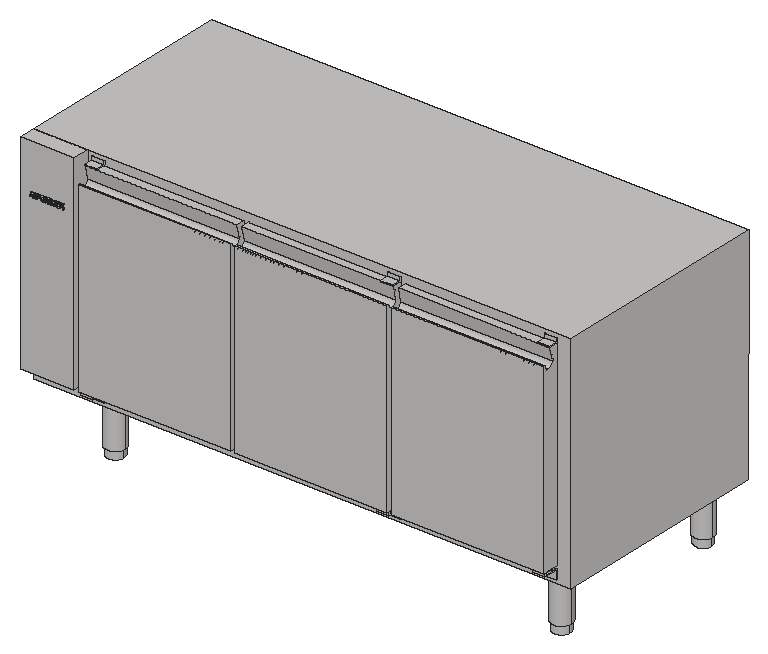
Revit family "QF_ALPENINOX_712631_AJ3R8AAA", category Specialty Equipment, Revit 2018
Family settings
  Round Connector Dimension = Use Diameter
  Part Type = Normal
  Work Plane-Based = No
  Always vertical = Yes
  Cut with Voids When Loaded = No
  Shared = No
  Room Calculation Point = No
Parameters
  Weight = 0.00 kg
  Watts = 2.78709 W
  Volts = 220 V
  URL Manufacturer = "http://www.alpeninox.com"
  URL = "http://www.alpeninox.com"
  Steam Supply Size = 0 mm
  Steam Supply Minimum Pressure = 0.0 Pa
  Steam Supply Maximum Pressure = 0.0 Pa
  Steam Pounds per Hour = 0
  Refrigeration Suction Line Size = 0 mm
  Refrigeration Liquid Line Size = 0 mm
  Refrigerant Compressor Remote = yes
  Manufacturer = "Alpeninox"
  Phase = 1
  Model = "AJ3R8AAA"
  Length Actual = 1557 mm  # constant formula
  Length = 1557 mm
  Item Number = "712631"
  Hot Water Size = 0 mm
  Height Actual = 800 mm  # constant formula
  Height = 650 mm
  HP = "0 HP"
  Gas Size = 0 mm
  Gas KW = 0
  Gas Input Pressure = 0 W
  Depth Actual = 700 mm  # constant formula
  Depth = 695 mm
  Description = "3 DOOR REFRIGERATED TABLE -2C-NO TOP REM "
  Cycle = 60 Hz
  Condensate Return Size = 0 mm
  Compressed Air Volume = 0.0 L/s
  Compressed Air Size = 0 mm
  Compressed Air Pressure = 0.0 Pa
  Cold Water Size = 0 mm
  Accessory = yes
Reference planes
  plane 1: z = 0
  plane 2 "Center (Left/Right)": x = -124.5
  plane 3 "Center (Front/Back)": y = 64.5
  plane 4 "FEET": z = 150
  plane 5 "TOP": z = 850
  plane 6 "PLAIN": z = 800
  plane 7 "EI_back": y = 359
  plane 8 "EI_left": x = -837
  plane 9 "BACK": y = 412
  plane 10 "FRONT": y = -283
  plane 11 "DOOR": y = -233
  plane 12 "LEFT": x = -903
  plane 13 "RIGHT": x = 654
  plane 14: x = -878
  plane 15: x = 629
  plane 16 "RO_left": x = -863
  plane 17 "RI_left": x = -811
  plane 18 "RO_back": y = 375.5
  plane 19 "RI_back": y = 375.5
  plane 20 "DRAINleft": x = -837
  plane 21 "DRAINback": y = 164
Forms (mm)
  Extrusion 1, solid, material "QF_Finishes_Stainless Steel"
    sketch origin (-1022.223, -1524, 150) x (-1, 0, 0) y (0, -1, 0)
      loop
        circle (-185.223, -1883) r 5
    from 0 to -40
  Extrusion 2, solid, material "QF_Finishes_Stainless Steel"
    sketch origin (-1022.223, -1524, 150) x (-1, 0, 0) y (0, -1, 0)
      loop
        circle (-159.223, -1899.5) r 4.25
    from 0 to -20
  Extrusion 3, solid, material "QF_Finishes_Stainless Steel"
    sketch origin (-1022.223, -1524, 150) x (-1, 0, 0) y (0, -1, 0)
      loop
        circle (-211.223, -1899.5) r 4
    from 0 to -20
  Extrusion 4, solid, material "QF_Finishes_Stainless Steel"
    sketch origin (-1022.223, -1524, 150) x (-1, 0, 0) y (0, -1, 0)
      loop
        circle (-185.223, -1688) r 8.5
    from 0 to -40
  Extrusion 5, solid, material "QF_Finishes_Stainless Steel"
    sketch origin (-1022.223, -1524, 150) x (-1, 0, 0) y (0, -1, 0)
      loop
        line (-119.223, -1936) -> (-119.223, -1291) -> (-1676.223, -1291) -> (-1676.223, -1936) -> (-119.223, -1936)
    from 0 to 650 <- "Height"
Lines and regions (mm)
  symbolic lines, style "SpecialityEquipmentHiddenLines"
    curve 1: line (-903, 412, 150) -> (654, 412, 150)
    curve 2: line (-903, -283, 150) -> (-903, 412, 150)
    curve 3: line (654, -283, 150) -> (-903, -283, 150)
    curve 4: line (654, 412, 150) -> (654, -283, 150)
    curve 5: line (-903, -233, 150) -> (654, -233, 150)
    curve 6: line (629, -233, 150) -> (629, -283, 150)
Dimensions and locks
  plane 4 "FEET" to level = 150 mm
  plane 11 "DOOR" to plane 10 "FRONT" = 50 mm
  "Height": plane 6 "PLAIN" to plane 4 "FEET"
  plane 5 "TOP" to plane 6 "PLAIN" = 50 mm
  plane 12 "LEFT" to plane 14 = 25 mm
  plane 15 to plane 13 "RIGHT" = 25 mm
  plane 9 "BACK" to plane 18 "RO_back" = 36.5 mm
  plane 9 "BACK" to plane 7 "EI_back" = 53 mm
  plane 9 "BACK" to plane 19 "RI_back" = 36.5 mm
  plane 9 "BACK" to plane 21 "DRAINback" = 248 mm
  plane 12 "LEFT" to plane 20 "DRAINleft" = 66 mm
  plane 12 "LEFT" to plane 8 "EI_left" = 66 mm
  plane 12 "LEFT" to plane 17 "RI_left" = 92 mm
  plane 12 "LEFT" to plane 16 "RO_left" = 40 mm
  "Depth": plane 9 "BACK" to plane 10 "FRONT"
  equal spacing: plane 9 "BACK", plane 3 "Center (Front/Back)", plane 10 "FRONT"
  "Length": plane 12 "LEFT" to plane 13 "RIGHT"
  equal spacing: plane 12 "LEFT", plane 2 "Center (Left/Right)", plane 13 "RIGHT"
  aligned and locked: level to plane 1
Automatic sketch dimensions
  Extrusion 1 sketch curve to plane 7 "EI_back" = 0 mm
  Extrusion 1 sketch curve to plane 8 "EI_left" = 0 mm
  Extrusion 2 sketch curve to plane 16 "RO_left" = 0 mm
  Extrusion 2 sketch curve to plane 18 "RO_back" = 0 mm
  Extrusion 3 sketch curve to plane 17 "RI_left" = 0 mm
  Extrusion 3 sketch curve to plane 19 "RI_back" = 0 mm
  Extrusion 4 sketch curve to plane 20 "DRAINleft" = 0 mm
  Extrusion 4 sketch curve to plane 21 "DRAINback" = 0 mm
  Extrusion 5 sketch curve to plane 9 "BACK" = 0 mm
  Extrusion 5 sketch curve to plane 13 "RIGHT" = 0 mm
  Extrusion 5 sketch curve to plane 11 "DOOR" = 0 mm
  Extrusion 5 sketch curve to plane 12 "LEFT" = 0 mm
  curve 1 to plane 13 "RIGHT" = 0 mm
  curve 6 to plane 15 = 0 mm
  curve 5 to plane 11 "DOOR" = 0 mm
  curve 5 to plane 12 "LEFT" = 0 mm
  curve 6 to plane 10 "FRONT" = 0 mm
  curve 1 to plane 9 "BACK" = 0 mm
  radius of Extrusion 1 sketch curve = 5 mm
  radius of Extrusion 2 sketch curve = 4.25 mm
  radius of Extrusion 3 sketch curve = 4 mm
  radius of Extrusion 4 sketch curve = 8.5 mm
Nested families
  nested 1: "Refrigerator" at (654, -283, 0), type "Refrigerator"
  nested 2: "FEET" at (-707, 331, 0), type "FEET"
  nested 3: "FEET" at (588, 331, 0), type "FEET"
  nested 4: "FEET" at (-707, -183, 0), type "FEET"
  nested 5: "FEET" at (588, -183, 0), type "FEET"
  nested 6: "APX_REM_TN_L_650" at (-746.08, -233, 548) x (1, 0, 0) z (0, -1, 0), type "APX_REM_TN_L_650"
    with Show Logo yes
  nested 7: "APX_SD_L_650" at (-513, -233, 458.88) x (1, 0, 0) z (0, -1, 0), type "APX_SD_L_650"
    with Show Clearance yes
  nested 8: "APX_SD_R_650" at (-59, -233, 458.88) x (1, 0, 0) z (0, -1, 0), type "APX_SD_R_650"
    with Show Clearance yes
  nested 9: "APX_SD_R_650" at (395, -233, 458.88) x (1, 0, 0) z (0, -1, 0), type "APX_SD_R_650"
    with Show Clearance yes
Connectors
  electrical at (-837, 359, 110), driven by "Volts"
    settings: on Extrusion 1, index 1, voltage 220 V, apparent load 0 VA, apparent load phase1 0 VA, apparent load phase2 0 VA, apparent load phase3 0 VA, power factor 1, load classification "Other", number of poles 1, system type 31, power factor state 1, is connector primary yes, connector utility no, sub classification motor no, connector description "Electrical Connection"
  piping at (-863, 375.5, 130), diameter 9.5
    settings: on Extrusion 2, index 3, connector inside diameter 609.6 mm, connector length 0 mm, flow factor 0, pipe flow 0.0 L/s, pressure drop 0.0 Pa, fitting loss kfactor 0, connector angle 0.00°, fixture units 0, engagement length 0 mm, angle of deflection 0.00°, flow configuration 1, flow direction 2, fitting loss method 0, system type 8, joint type 0, gender type 0, connector reference index -1, connector utility 0, adjustable connector no, is connector primary yes, connector description "Refrigerant Outlet"
  piping at (-811, 375.5, 130), diameter 8
    settings: on Extrusion 3, index 4, connector inside diameter 609.6 mm, connector length 0 mm, flow factor 0, pipe flow 0.0 L/s, pressure drop 0.0 Pa, fitting loss kfactor 0, connector angle 0.00°, fixture units 0, engagement length 0 mm, angle of deflection 0.00°, flow configuration 1, flow direction 1, fitting loss method 0, system type 7, joint type 0, gender type 0, connector reference index -1, connector utility 0, adjustable connector no, is connector primary no, connector description "Refrigerant Inlet"
  piping at (-837, 164, 110), diameter 17
    settings: on Extrusion 4, index 5, connector inside diameter 609.6 mm, connector length 0 mm, flow factor 0, pipe flow 0.0 L/s, pressure drop 0.0 Pa, fitting loss kfactor 0, connector angle 0.00°, fixture units 0, engagement length 0 mm, angle of deflection 0.00°, flow configuration 1, flow direction 2, fitting loss method 0, system type 16, joint type 0, gender type 0, connector reference index -1, connector utility 0, adjustable connector no, is connector primary no, connector description "Drain"
Definition of nested family "FEET"
  Parameters
    FEET = 150 mm
  Reference planes
    plane 1 "Center (Front/Back)": y = 0
    plane 2: z = 0
    plane 3 "Center (Left/Right)": x = 0
    plane 4: z = 150
  Forms (mm)
    Revolve 1, solid
      sketch origin (255.05, 0, 608.09) x (0, 0, 1) y (-1, 0, 0)
        loop
          line (-608.09, 255.05) -> (-608.09, 230.05) -> (-583.09, 230.05) -> (-583.09, 226.05) -> (-458.09, 226.05) -> (-458.09, 255.05) -> (-608.09, 255.05)
        axis (-608.09, 255.05) -> (-458.09, 255.05)
      angle from 0 to 360
  Dimensions and locks
    locked: Revolve 1 sketch curve to Revolve 1 sketch curve at 125
    "FEET": plane 4 to plane 2
    aligned and locked: level to plane 2
    aligned and locked: plane 4 to Revolve 1 sketch curve
    aligned and locked: Revolve 1 sketch curve to level
    aligned and locked: plane 3 "Center (Left/Right)" to Revolve 1 sketch curve
  Automatic sketch dimensions
    Revolve 1 sketch curve to plane 3 "Center (Left/Right)" = 0 mm
    Revolve 1 sketch curve to Revolve 1 sketch curve = 25 mm
    Revolve 1 sketch curve to Revolve 1 sketch curve = 29 mm
    plane 4 to Revolve 1 sketch curve = 50 mm
    Revolve 1 sketch curve to Revolve 1 sketch curve = 20 mm
Definition of nested family "APX_REM_TN_L_650"
  Parameters
    Show Logo [instance] = yes
    Default Elevation = 1219.2 mm
  Reference planes
    plane 1 "Centro (Fronte/Retro)": y = -49
    plane 2: z = 0
    plane 3 "Centro (Sinistra/Destra)": x = -78.92
  Forms (mm)
    Extrusion 1, solid
      sketch origin (0, 0, 0) x (1, 0, 0) y (0, 1, 0)
        loop
          line (-1219.2, 1219.2) -> (-1219.2, -1219.2) -> (1219.2, -1219.2) -> (1219.2, 1219.2) -> (-1219.2, 1219.2)
      from 0 to -304.8
    Extrusion 2, solid
      sketch origin (0, 0, 0) x (1, 0, 0) y (0, 1, 0)
        loop
          line (-156.92, 252) -> (-156.92, -350) -> (-0.92, -350) -> (-0.92, 252) -> (-156.92, 252)
      from 0 to 50
    Extrusion 3, solid
      sketch origin (43.141, -49.023, 0) x (1, 0, 0) y (0, 1, 0)
        loop
          line (-168.675, 170.349) -> (-172.411, 160.318)
          arc (-172.411, 160.318) -> (-171.624, 158.497) -> (-169.837, 159.36) r 1.374
          line (-169.837, 159.36) -> (-169.268, 161.111) -> (-164.1, 161.111) -> (-163.54, 159.379)
          arc (-163.54, 159.379) -> (-161.802, 158.542) -> (-161.049, 160.318) r 1.333
          line (-161.049, 160.318) -> (-164.694, 170.349)
          arc (-164.694, 170.349) -> (-166.685, 171.876) -> (-168.675, 170.349) r 2.06
        loop
          line (-166.681, 169.055) -> (-168.469, 163.655) -> (-164.935, 163.655) -> (-166.681, 169.055)
        loop
          arc (-159.705, 160.042) -> (-159.262, 158.973) -> (-158.194, 158.531) r 1.512
          line (-158.194, 158.531) -> (-153.608, 158.531)
          arc (-153.608, 158.531) -> (-152.337, 159.802) -> (-153.608, 161.074) r 1.272
          line (-153.608, 161.074) -> (-156.917, 161.074) -> (-156.917, 170.328)
          arc (-156.917, 170.328) -> (-158.311, 171.722) -> (-159.705, 170.328) r 1.394
          line (-159.705, 170.328) -> (-159.705, 160.042)
        loop
          line (-151.076, 170.218) -> (-151.076, 159.859)
          arc (-151.076, 159.859) -> (-149.683, 158.466) -> (-148.29, 159.859) r 1.393
          line (-148.29, 159.859) -> (-148.29, 162.882) -> (-146.225, 162.882)
          arc (-146.225, 162.882) -> (-142.999, 163.859) -> (-141.608, 166.928) r 4.082
          arc (-141.608, 166.928) -> (-142.993, 170.272) -> (-146.336, 171.657) r 4.728
          line (-146.336, 171.657) -> (-149.638, 171.657)
          arc (-149.638, 171.657) -> (-150.655, 171.235) -> (-151.076, 170.218) r 1.439
        loop
          line (-148.29, 165.313) -> (-146.388, 165.313)
          arc (-146.388, 165.313) -> (-144.433, 167.268) -> (-146.388, 169.222) r 1.955
          line (-146.388, 169.222) -> (-148.29, 169.222) -> (-148.29, 165.313)
        loop
          arc (-131.184, 166.332) -> (-132.004, 168.2) -> (-133.767, 169.228) r 3.3
          arc (-133.767, 169.228) -> (-136.353, 168.661) -> (-137.611, 166.332) r 3.176
          line (-137.611, 166.332) -> (-131.184, 166.332)
        loop
          line (-137.538, 163.743) -> (-130.544, 163.743)
          arc (-130.544, 163.743) -> (-129.292, 163.916) -> (-128.301, 164.701) r 2.4
          arc (-128.301, 164.701) -> (-128.155, 165.545) -> (-128.212, 166.399) r 3.635
          arc (-128.212, 166.399) -> (-130.364, 170.162) -> (-134.39, 171.769) r 6.579
          arc (-134.39, 171.769) -> (-138.918, 169.706) -> (-140.661, 165.044) r 6.501
          arc (-140.661, 165.044) -> (-139.276, 160.789) -> (-135.401, 158.549) r 6.252
          arc (-135.401, 158.549) -> (-132.922, 158.526) -> (-130.544, 159.232) r 8.361
          arc (-130.544, 159.232) -> (-129.466, 159.781) -> (-128.641, 160.666) r 3.486
          arc (-128.641, 160.666) -> (-128.419, 161.592) -> (-128.828, 162.451) r 1.425
          arc (-128.828, 162.451) -> (-129.368, 162.762) -> (-129.99, 162.762) r 1.203
          arc (-129.99, 162.762) -> (-130.406, 162.59) -> (-130.764, 162.316) r 1.724
          arc (-130.764, 162.316) -> (-131.666, 161.705) -> (-132.646, 161.229) r 7.6
          arc (-132.646, 161.229) -> (-135.676, 161.35) -> (-137.538, 163.743) r 3.6
        loop
          line (-126.669, 170.328) -> (-126.669, 159.859)
          arc (-126.669, 159.859) -> (-125.273, 158.463) -> (-123.878, 159.859) r 1.396
          line (-123.878, 159.859) -> (-123.878, 166.785) -> (-117.946, 159.029)
          arc (-117.946, 159.029) -> (-116.361, 158.51) -> (-115.379, 159.859) r 1.417
          line (-115.379, 159.859) -> (-115.379, 170.328)
          arc (-115.379, 170.328) -> (-116.774, 171.723) -> (-118.169, 170.328) r 1.395
          line (-118.169, 170.328) -> (-118.169, 163.311) -> (-124.101, 171.157)
          arc (-124.101, 171.157) -> (-125.687, 171.678) -> (-126.669, 170.328) r 1.418
        loop
          arc (-113.636, 159.859) -> (-112.241, 158.464) -> (-110.847, 159.859) r 1.394
          line (-110.847, 159.859) -> (-110.847, 170.328)
          arc (-110.847, 170.328) -> (-112.241, 171.723) -> (-113.636, 170.328) r 1.394
          line (-113.636, 170.328) -> (-113.636, 159.859)
        loop
          line (-109.102, 170.328) -> (-109.102, 159.859)
          arc (-109.102, 159.859) -> (-107.706, 158.463) -> (-106.31, 159.859) r 1.396
          line (-106.31, 159.859) -> (-106.31, 166.785) -> (-100.378, 159.029)
          arc (-100.378, 159.029) -> (-98.793, 158.51) -> (-97.812, 159.859) r 1.417
          line (-97.812, 159.859) -> (-97.812, 170.328)
          arc (-97.812, 170.328) -> (-99.207, 171.723) -> (-100.602, 170.328) r 1.395
          line (-100.602, 170.328) -> (-100.602, 163.311) -> (-106.533, 171.157)
          arc (-106.533, 171.157) -> (-108.119, 171.678) -> (-109.102, 170.328) r 1.418
        loop
          arc (-96.345, 165.093) -> (-95.619, 161.877) -> (-93.467, 159.379) r 6.806
          arc (-93.467, 159.379) -> (-91.792, 158.566) -> (-89.948, 158.31) r 5.956
          arc (-89.948, 158.31) -> (-88.104, 158.566) -> (-86.43, 159.379) r 5.956
          arc (-86.43, 159.379) -> (-84.277, 161.877) -> (-83.551, 165.093) r 6.806
          arc (-83.551, 165.093) -> (-84.277, 168.31) -> (-86.43, 170.808) r 6.806
          arc (-86.43, 170.808) -> (-88.104, 171.621) -> (-89.948, 171.877) r 5.956
          arc (-89.948, 171.877) -> (-91.792, 171.621) -> (-93.467, 170.808) r 5.956
          arc (-93.467, 170.808) -> (-95.619, 168.31) -> (-96.345, 165.093) r 6.806
        loop
          arc (-93.425, 165.093) -> (-93.138, 163.212) -> (-92.081, 161.629) r 4.387
          arc (-92.081, 161.629) -> (-91.087, 161.049) -> (-89.948, 160.881) r 3.035
          arc (-89.948, 160.881) -> (-88.809, 161.049) -> (-87.815, 161.629) r 3.035
          arc (-87.815, 161.629) -> (-86.759, 163.212) -> (-86.472, 165.093) r 4.387
          arc (-86.472, 165.093) -> (-86.759, 166.975) -> (-87.815, 168.558) r 4.387
          arc (-87.815, 168.558) -> (-88.809, 169.138) -> (-89.948, 169.306) r 3.035
          arc (-89.948, 169.306) -> (-91.087, 169.138) -> (-92.081, 168.558) r 3.035
          arc (-92.081, 168.558) -> (-93.138, 166.975) -> (-93.425, 165.093) r 4.387
        loop
          line (-82.843, 169.609) -> (-79.829, 165.552) -> (-83.513, 160.652)
          arc (-83.513, 160.652) -> (-83.216, 158.692) -> (-81.262, 159.029) r 1.388
          line (-81.262, 159.029) -> (-78.213, 163.232) -> (-75.164, 159.029)
          arc (-75.164, 159.029) -> (-73.211, 158.692) -> (-72.913, 160.652) r 1.388
          line (-72.913, 160.652) -> (-76.597, 165.552) -> (-73.584, 169.609)
          arc (-73.584, 169.609) -> (-73.952, 171.597) -> (-75.908, 171.084) r 1.38
          line (-75.908, 171.084) -> (-78.213, 167.841) -> (-80.519, 171.084)
          arc (-80.519, 171.084) -> (-82.474, 171.597) -> (-82.843, 169.609) r 1.38
      from 50 to 51.6
  Lines and regions (mm)
    Split face 1
      outline origin (0, 0, 50) x (1, 0, 0) y (0, 1, 0)
        loop
          line (-0.92, 188) -> (-156.92, 188)
    Split face 2
      outline origin (0, 0, 50) x (1, 0, 0) y (0, 1, 0)
        loop
          line (-156.92, 178) -> (-0.92, 178)
    Split face 3
      outline origin (0, 0, 50) x (1, 0, 0) y (0, 1, 0)
        loop
          line (-0.92, 104) -> (-156.92, 104)
    Split face 4
      outline origin (0, 0, 50) x (1, 0, 0) y (0, 1, 0)
        loop
          line (-0.92, 94) -> (-156.92, 94)
    Split face 5
      outline origin (0, 0, 50) x (1, 0, 0) y (0, 1, 0)
        loop
          line (-108.92, 163.931) -> (-108.92, 134.412) -> (-48.92, 134.412) -> (-48.92, 163.931) -> (-108.92, 163.931)
    Split face 6
      outline origin (0, 0, 50) x (1, 0, 0) y (0, 1, 0)
        loop
          line (-68.92, 160.931) -> (-68.92, 137.412) -> (-51.92, 137.412) -> (-51.92, 160.931) -> (-68.92, 160.931)
    symbolic lines
      curve 1: line (-2, -49, 50) -> (-2, -49, 0)
  Dimensions and locks
    equal spacing: Extrusion 2, plane 3 "Centro (Sinistra/Destra)", Extrusion 2
    equal spacing: Extrusion 2, plane 1 "Centro (Fronte/Retro)", Extrusion 2
    Extrusion 2 to Extrusion 2 = 156 mm
    aligned and locked: plane 2 to Extrusion 1
    aligned and locked: level to Extrusion 1
  Automatic sketch dimensions
    curve 1 to level = 0 mm
    plane 3 "Centro (Sinistra/Destra)" to curve 1 = 76.92 mm
    curve 1 to curve 1 = 50 mm
    Extrusion 1 sketch curve to Extrusion 1 sketch curve = 2438.4 mm  (x2)
    Extrusion 2 sketch curve to plane 3 "Centro (Sinistra/Destra)" = 78 mm
    plane 3 "Centro (Sinistra/Destra)" to Extrusion 2 sketch curve = 78 mm
    plane 1 "Centro (Fronte/Retro)" to Extrusion 2 sketch curve = 301 mm
    Extrusion 2 sketch curve to plane 1 "Centro (Fronte/Retro)" = 301 mm
    Extrusion 3 sketch curve to plane 3 "Centro (Sinistra/Destra)" = 50.35 mm
    Extrusion 3 sketch curve to Extrusion 3 sketch curve = 1.266 mm
    Extrusion 3 sketch curve to Extrusion 3 sketch curve = 1.307 mm
    Extrusion 3 sketch curve to Extrusion 3 sketch curve = 0.57 mm
    Extrusion 3 sketch curve to Extrusion 3 sketch curve = 0.593 mm
    Extrusion 3 sketch curve to Extrusion 3 sketch curve = 0.799 mm
    Extrusion 3 sketch curve to Extrusion 3 sketch curve = 1.99 mm  (x2)
    Extrusion 3 sketch curve to Extrusion 3 sketch curve = 0.003 mm
    Extrusion 3 sketch curve to Extrusion 3 sketch curve = 3.534 mm
    Extrusion 3 sketch curve to Extrusion 3 sketch curve = 0.835 mm
    Extrusion 3 sketch curve to Extrusion 3 sketch curve = 0.56 mm
    Extrusion 3 sketch curve to Extrusion 3 sketch curve = 1.268 mm
    Extrusion 3 sketch curve to Extrusion 3 sketch curve = 1.223 mm
    Extrusion 3 sketch curve to Extrusion 3 sketch curve = 1.344 mm
    Extrusion 3 sketch curve to Extrusion 3 sketch curve = 1.394 mm  (x2)
    Extrusion 3 sketch curve to Extrusion 3 sketch curve = 1.512 mm
    Extrusion 3 sketch curve to Extrusion 3 sketch curve = 3.309 mm
    Extrusion 3 sketch curve to Extrusion 3 sketch curve = 5.841 mm
    Extrusion 3 sketch curve to Extrusion 3 sketch curve = 1.393 mm
    Extrusion 3 sketch curve to Extrusion 3 sketch curve = 1.439 mm
    Extrusion 3 sketch curve to Extrusion 3 sketch curve = 0 mm  (x19)
    Extrusion 3 sketch curve to Extrusion 3 sketch curve = 1.902 mm
    Extrusion 3 sketch curve to Extrusion 3 sketch curve = 0.052 mm
    Extrusion 3 sketch curve to Extrusion 3 sketch curve = 2.065 mm
    Extrusion 3 sketch curve to Extrusion 3 sketch curve = 0.647 mm
    Extrusion 3 sketch curve to Extrusion 3 sketch curve = 8.079 mm
    Extrusion 3 sketch curve to Extrusion 3 sketch curve = 0.073 mm
    Extrusion 3 sketch curve to Extrusion 3 sketch curve = 2.145 mm
    Extrusion 3 sketch curve to Extrusion 3 sketch curve = 2.931 mm
    Extrusion 3 sketch curve to Extrusion 3 sketch curve = 0.213 mm
    Extrusion 3 sketch curve to Extrusion 3 sketch curve = 0.026 mm
    Extrusion 3 sketch curve to Extrusion 3 sketch curve = 0.263 mm
    Extrusion 3 sketch curve to Extrusion 3 sketch curve = 0.516 mm
    Extrusion 3 sketch curve to Extrusion 3 sketch curve = 0.356 mm
    Extrusion 3 sketch curve to Extrusion 3 sketch curve = 0.387 mm
    Extrusion 3 sketch curve to Extrusion 3 sketch curve = 2.378 mm
    Extrusion 3 sketch curve to Extrusion 3 sketch curve = 2.466 mm
    Extrusion 3 sketch curve to Extrusion 3 sketch curve = 0.602 mm
    Extrusion 3 sketch curve to Extrusion 3 sketch curve = 1.02 mm
    Extrusion 3 sketch curve to Extrusion 3 sketch curve = 0.949 mm
    Extrusion 3 sketch curve to Extrusion 3 sketch curve = 1.728 mm
    Extrusion 3 sketch curve to Extrusion 3 sketch curve = 0.157 mm  (x2)
    Extrusion 3 sketch curve to Extrusion 3 sketch curve = 0.292 mm
    Extrusion 3 sketch curve to plane 3 "Centro (Sinistra/Destra)" = 4.608 mm
    Extrusion 3 sketch curve to Extrusion 3 sketch curve = 1.396 mm  (x2)
    Extrusion 3 sketch curve to Extrusion 3 sketch curve = 1.418 mm  (x2)
    Extrusion 3 sketch curve to Extrusion 3 sketch curve = 1.151 mm  (x2)
    plane 3 "Centro (Sinistra/Destra)" to Extrusion 3 sketch curve = 3.891 mm
    plane 3 "Centro (Sinistra/Destra)" to Extrusion 3 sketch curve = 4.115 mm
    Extrusion 3 sketch curve to Extrusion 3 sketch curve = 1.149 mm  (x2)
    Extrusion 3 sketch curve to Extrusion 3 sketch curve = 1.395 mm  (x2)
    Extrusion 3 sketch curve to Extrusion 3 sketch curve = 1.744 mm
    Extrusion 3 sketch curve to Extrusion 3 sketch curve = 1.745 mm
    Extrusion 3 sketch curve to Extrusion 3 sketch curve = 5.709 mm
    Extrusion 3 sketch curve to Extrusion 3 sketch curve = 0.224 mm
    Extrusion 3 sketch curve to Extrusion 3 sketch curve = 6.963 mm
    Extrusion 3 sketch curve to Extrusion 3 sketch curve = 0.493 mm  (x3)
    Extrusion 3 sketch curve to Extrusion 3 sketch curve = 0.273 mm  (x2)
    Extrusion 3 sketch curve to Extrusion 3 sketch curve = 0.021 mm  (x2)
    Extrusion 3 sketch curve to Extrusion 3 sketch curve = 0.226 mm  (x2)
    Extrusion 3 sketch curve to Extrusion 3 sketch curve = 0.268 mm  (x2)
    Extrusion 3 sketch curve to Extrusion 3 sketch curve = 0.294 mm
    Extrusion 3 sketch curve to Extrusion 3 sketch curve = 5.534 mm
    Extrusion 3 sketch curve to Extrusion 3 sketch curve = 6.205 mm
    Extrusion 3 sketch curve to Extrusion 3 sketch curve = 1.109 mm  (x2)
    Extrusion 3 sketch curve to Extrusion 3 sketch curve = 1.108 mm  (x2)
    Extrusion 3 sketch curve to Extrusion 3 sketch curve = 1.142 mm  (x2)
    Extrusion 3 sketch curve to Extrusion 3 sketch curve = 1.216 mm  (x2)
    Extrusion 3 sketch curve to Extrusion 3 sketch curve = 3.013 mm
    Extrusion 3 sketch curve to Extrusion 3 sketch curve = 1.616 mm  (x3)
    Extrusion 3 sketch curve to Extrusion 3 sketch curve = 2.305 mm
    Extrusion 3 sketch curve to Extrusion 3 sketch curve = 3.049 mm
    Extrusion 3 sketch curve to plane 1 "Centro (Fronte/Retro)" = 158.508 mm
    Extrusion 3 sketch curve to Extrusion 3 sketch curve = 0.498 mm
    Extrusion 3 sketch curve to Extrusion 3 sketch curve = 0.682 mm
    Extrusion 3 sketch curve to Extrusion 3 sketch curve = 0.664 mm
    Extrusion 3 sketch curve to Extrusion 3 sketch curve = 0.425 mm
    Extrusion 3 sketch curve to Extrusion 3 sketch curve = 0.41 mm
    Extrusion 3 sketch curve to Extrusion 3 sketch curve = 1.272 mm
    Extrusion 3 sketch curve to Extrusion 3 sketch curve = 0.789 mm  (x2)
    Extrusion 3 sketch curve to Extrusion 3 sketch curve = 0.056 mm
    Extrusion 3 sketch curve to Extrusion 3 sketch curve = 0.83 mm
    Extrusion 3 sketch curve to Extrusion 3 sketch curve = 1.238 mm
    Extrusion 3 sketch curve to Extrusion 3 sketch curve = 1.732 mm
    Extrusion 3 sketch curve to Extrusion 3 sketch curve = 0.346 mm
    Extrusion 3 sketch curve to Extrusion 3 sketch curve = 1.123 mm
    Extrusion 3 sketch curve to Extrusion 3 sketch curve = 3.023 mm
    Extrusion 3 sketch curve to Extrusion 3 sketch curve = 4.203 mm
    Extrusion 3 sketch curve to Extrusion 3 sketch curve = 3.452 mm  (x2)
    Extrusion 3 sketch curve to Extrusion 3 sketch curve = 2.544 mm
    Extrusion 3 sketch curve to Extrusion 3 sketch curve = 1.177 mm
    Extrusion 3 sketch curve to Extrusion 3 sketch curve = 3.261 mm
    Extrusion 3 sketch curve to Extrusion 3 sketch curve = 0.352 mm  (x2)
    Extrusion 3 sketch curve to Extrusion 3 sketch curve = 1.987 mm
    Extrusion 3 sketch curve to Extrusion 3 sketch curve = 0.171 mm
    Extrusion 3 sketch curve to Extrusion 3 sketch curve = 0.533 mm  (x3)
    Extrusion 3 sketch curve to Extrusion 3 sketch curve = 0.14 mm  (x4)
    Extrusion 3 sketch curve to Extrusion 3 sketch curve = 0.473 mm
    Extrusion 3 sketch curve to Extrusion 3 sketch curve = 0.31 mm  (x2)
    Extrusion 3 sketch curve to Extrusion 3 sketch curve = 0.075 mm
    Extrusion 3 sketch curve to Extrusion 3 sketch curve = 2.431 mm
    Extrusion 3 sketch curve to Extrusion 3 sketch curve = 2.32 mm  (x2)
    Extrusion 3 sketch curve to Extrusion 3 sketch curve = 1.992 mm
    Extrusion 3 sketch curve to Extrusion 3 sketch curve = 0.674 mm
    Extrusion 3 sketch curve to Extrusion 3 sketch curve = 0.732 mm
    Extrusion 3 sketch curve to Extrusion 3 sketch curve = 0.388 mm
    Extrusion 3 sketch curve to Extrusion 3 sketch curve = 0.121 mm
    Extrusion 3 sketch curve to Extrusion 3 sketch curve = 2.589 mm
    Extrusion 3 sketch curve to Extrusion 3 sketch curve = 0.662 mm
    Extrusion 3 sketch curve to Extrusion 3 sketch curve = 3.473 mm
    Extrusion 3 sketch curve to Extrusion 3 sketch curve = 0.681 mm
    Extrusion 3 sketch curve to Extrusion 3 sketch curve = 1.615 mm
    Extrusion 3 sketch curve to Extrusion 3 sketch curve = 0.34 mm
    Extrusion 3 sketch curve to Extrusion 3 sketch curve = 2.288 mm
    Extrusion 3 sketch curve to Extrusion 3 sketch curve = 0.942 mm
    Extrusion 3 sketch curve to Extrusion 3 sketch curve = 5.4 mm
    Extrusion 3 sketch curve to Extrusion 3 sketch curve = 1.768 mm  (x2)
    Extrusion 3 sketch curve to Extrusion 3 sketch curve = 0.761 mm
    Extrusion 3 sketch curve to Extrusion 3 sketch curve = 0.996 mm
    Extrusion 3 sketch curve to Extrusion 3 sketch curve = 3.543 mm  (x2)
    Extrusion 3 sketch curve to Extrusion 3 sketch curve = 7.017 mm
    Extrusion 3 sketch curve to Extrusion 3 sketch curve = 0.11 mm
    Extrusion 3 sketch curve to Extrusion 3 sketch curve = 0.823 mm  (x2)
    Extrusion 3 sketch curve to Extrusion 3 sketch curve = 0.947 mm
    Extrusion 3 sketch curve to Extrusion 3 sketch curve = 3.837 mm
    Extrusion 3 sketch curve to Extrusion 3 sketch curve = 0.623 mm
    Extrusion 3 sketch curve to Extrusion 3 sketch curve = 1.082 mm
    Extrusion 3 sketch curve to Extrusion 3 sketch curve = 0.801 mm
    Extrusion 3 sketch curve to Extrusion 3 sketch curve = 1 mm
    Extrusion 3 sketch curve to Extrusion 3 sketch curve = 0.089 mm
    Extrusion 3 sketch curve to Extrusion 3 sketch curve = 4.257 mm
    Extrusion 3 sketch curve to Extrusion 3 sketch curve = 4.345 mm  (x2)
    Extrusion 3 sketch curve to Extrusion 3 sketch curve = 2.576 mm
    Extrusion 3 sketch curve to Extrusion 3 sketch curve = 1.385 mm  (x4)
    Extrusion 3 sketch curve to Extrusion 3 sketch curve = 2.133 mm  (x4)
    Extrusion 3 sketch curve to Extrusion 3 sketch curve = 3.518 mm
    Extrusion 3 sketch curve to Extrusion 3 sketch curve = 5.603 mm
    Extrusion 3 sketch curve to Extrusion 3 sketch curve = 2.571 mm
    Split face 1 sketch curve to Extrusion 2 = 0 mm  (x2)
    Split face 1 sketch curve to Extrusion 2 = 64 mm
    Split face 2 sketch curve to Extrusion 2 = 0 mm
    Split face 2 sketch curve to Extrusion 2 = 74 mm
    Extrusion 2 to Split face 2 sketch curve = 0 mm
    Split face 3 sketch curve to Extrusion 2 = 0 mm  (x2)
    Split face 3 sketch curve to Extrusion 2 = 148 mm
    Split face 4 sketch curve to Extrusion 2 = 0 mm  (x2)
    Split face 4 sketch curve to Extrusion 2 = 158 mm
    Split face 5 sketch curve to Extrusion 2 = 48 mm  (x2)
    Split face 5 sketch curve to Extrusion 2 = 117.588 mm
    Split face 5 sketch curve to Split face 5 sketch curve = 29.518 mm
    Split face 6 sketch curve to Extrusion 2 = 68 mm
    Split face 6 sketch curve to Split face 6 sketch curve = 17 mm
    Split face 6 sketch curve to Extrusion 2 = 114.588 mm
    Split face 6 sketch curve to Split face 6 sketch curve = 23.518 mm
Definition of nested family "APX_SD_L_650"
  Parameters
    Show Clearance [instance] = yes
    Default Elevation = 1219.2 mm
  Reference planes
    plane 1 "Center (Front/Back)": y = 28.12
    plane 2: z = 0
    plane 3 "Center (Left/Right)": x = 0
    plane 4: x = -234
    plane 5: x = 234
  Forms (mm)
    Extrusion 1, solid
      sketch origin (0, 0, 0) x (1, 0, 0) y (0, 1, 0)
        loop
          line (-1219.2, 1219.2) -> (-1219.2, -1219.2) -> (1219.2, -1219.2) -> (1219.2, 1219.2) -> (-1219.2, 1219.2)
      from 0 to -304.8
    Extrusion 2, solid
      sketch origin (0, 53.12, -3) x (0, 1, 0) y (0, 0, 1)
        loop
          line (-314, 53) -> (-314, 3) -> (264, 3) -> (264, 29) -> (224.395, 20)
          arc (224.395, 20) -> (210.396, 33.803) -> (224, 47.994) r 14
          line (224, 47.994) -> (224, 53) -> (-314, 53)
      from -220 to 220
    Extrusion 3, solid
      sketch origin (0, 53.12, 0) x (0, 1, 0) y (0, 0, -1)
        loop
          line (-323.003, -40.312) -> (-323.003, -12.259) -> (-323.003, 0) -> (-351.511, 0) -> (-351.511, -2.5) -> (-325.503, -2.5) -> (-325.503, -42.812) -> (-316.501, -42.812) -> (-316.501, -40.312) -> (-323.003, -40.312)
        loop
          line (-314, -38.311) -> (-314, -11.804) -> (-319.752, -11.804) -> (-319.752, -14.304) -> (-316.501, -14.304) -> (-316.501, -38.311) -> (-314, -38.311)
        loop
          line (265.003, -27.948) -> (267.503, -27.948) -> (267.503, -2.5) -> (277.503, -2.5) -> (277.503, 0) -> (265.003, 0) -> (265.003, -2.948) -> (265.003, -27.948)
      from 185 to 220
    Extrusion 4, solid, visible <- "Show Clearance", detail levels coarse
      sketch origin (0, 28.12, -3) x (-1, 0, 0) y (0, 0, -1)
        loop
          line (220, -53) -> (-220, -53)
          arc (-220, -53) -> (-79.636, -340.04) -> (220, -451) r 430
          line (220, -451) -> (220, -53)
      from -289 to 289
  Lines and regions (mm)
    symbolic lines
      curve 1: arc (219.599, 0, 55) -> (95.934, 0, 321.503) -> (-170, 0, 446.39) r 430
      curve 2: line (-220, 0, 55) -> (-220, 0, 448)
      curve 3: line (-170, 0, 55) -> (-170, 0, 448)
      curve 4: line (-220, 0, 448) -> (-170, 0, 448)
  Dimensions and locks
    plane 4 to plane 3 "Center (Left/Right)" to plane 5 = 234 mm locked, 234 mm locked
    aligned and locked: plane 2 to Extrusion 1
    aligned and locked: level to Extrusion 1
Definition of nested family "APX_SD_R_650"
  Parameters
    Show Clearance [instance] = yes
    Default Elevation = 1219.2 mm
  Reference planes
    plane 1 "Center (Front/Back)": y = 28.12
    plane 2: z = 0
    plane 3 "Center (Left/Right)": x = 0
    plane 4: x = -234
    plane 5: x = 234
  Forms (mm)
    Extrusion 1, solid
      sketch origin (0, 0, 0) x (1, 0, 0) y (0, 1, 0)
        loop
          line (-1219.2, 1219.2) -> (-1219.2, -1219.2) -> (1219.2, -1219.2) -> (1219.2, 1219.2) -> (-1219.2, 1219.2)
      from 0 to -304.8
    Extrusion 2, solid
      sketch origin (0, 53.12, -3) x (0, 1, 0) y (0, 0, 1)
        loop
          line (-314, 53) -> (-314, 3) -> (264, 3) -> (264, 29) -> (224.395, 20)
          arc (224.395, 20) -> (210.396, 33.803) -> (224, 47.994) r 14
          line (224, 47.994) -> (224, 53) -> (-314, 53)
      from -220 to 220
    Extrusion 3, solid, visible <- "Show Clearance", detail levels coarse
      sketch origin (0, 28.12, -3) x (-1, 0, 0) y (0, 0, -1)
        loop
          line (220, -53) -> (-220, -53) -> (-220, -451)
          arc (-220, -451) -> (79.636, -340.04) -> (220, -53) r 430
      from -289 to 289
    Extrusion 4, solid
      sketch origin (0, 53.12, 0) x (0, 1, 0) y (0, 0, 1)
        loop
          line (-323.003, 40.312) -> (-316.501, 40.312) -> (-316.501, 42.812) -> (-325.503, 42.812) -> (-325.503, 2.5) -> (-351.511, 2.5) -> (-351.511, 0) -> (-323.003, 0) -> (-323.003, 12.259) -> (-323.003, 40.312)
        loop
          line (-314, 38.311) -> (-316.501, 38.311) -> (-316.501, 14.304) -> (-319.752, 14.304) -> (-319.752, 11.804) -> (-314, 11.804) -> (-314, 38.311)
        loop
          line (265.003, 27.948) -> (265.003, 2.948) -> (265.003, 0) -> (277.503, 0) -> (277.503, 2.5) -> (267.503, 2.5) -> (267.503, 27.948) -> (265.003, 27.948)
      from 185 to 220
  Lines and regions (mm)
    symbolic lines
      curve 1: arc (-219.599, 0, 54.79) -> (-95.934, 0, 321.293) -> (170, 0, 446.179) r 430
      curve 2: line (220, 0, 54.79) -> (220, 0, 447.79)
      curve 3: line (170, 0, 54.79) -> (170, 0, 447.79)
      curve 4: line (220, 0, 447.79) -> (170, 0, 447.79)
  Dimensions and locks
    plane 4 to plane 3 "Center (Left/Right)" to plane 5 = 234 mm locked, 234 mm locked
    aligned and locked: plane 2 to Extrusion 1
    aligned and locked: level to Extrusion 1
Definition of nested family "Refrigerator"
  Reference planes
    plane 1 "Center (Front/Back)": y = 0
    plane 2: z = 0
    plane 3 "Center (Left/Right)": x = 0
  Lines and regions (mm)
    detail lines, in view "Ref. Level"
      curve 1: spline (-500, 190, 0) -> (-493.185, 166.706, 0) -> (-473.205, 145, 0) -> (-441.421, 126.36, 0) -> (-400, 112.058, 0) -> (-351.764, 103.067, 0) -> (-300, 100, 0) -> (-248.236, 103.067, 0) -> (-200, 112.058, 0) -> (-158.579, 126.36, 0) -> (-126.795, 145, 0) -> (-106.815, 166.706, 0) -> (-100, 190, 0) -> (-106.815, 213.294, 0) -> (-126.795, 235, 0) -> (-158.579, 253.64, 0) -> (-200, 267.942, 0) -> (-248.236, 276.933, 0) -> (-300, 280, 0) -> (-351.764, 276.933, 0) -> (-400, 267.942, 0) -> (-441.421, 253.64, 0) -> (-473.205, 235, 0) -> (-493.185, 213.294, 0) -> (-500, 190, 0)
      curve 2: line (-300, 130, 0) -> (-300, 250, 0)
      curve 3: line (-351.962, 220, 0) -> (-248.038, 160, 0)
      curve 4: line (-351.962, 160, 0) -> (-248.038, 220, 0)
      curve 5: line (-280.884, 246.873, 0) -> (-300, 225, 0)
      curve 6: line (-300, 225, 0) -> (-319.116, 246.873, 0)
      curve 7: line (-330.311, 207.5, 0) -> (-339.696, 234.992, 0)
      curve 8: line (-358.812, 201.882, 0) -> (-330.311, 207.5, 0)
      curve 9: line (-330.311, 172.5, 0) -> (-358.812, 178.118, 0)
      curve 10: line (-339.696, 145.008, 0) -> (-330.311, 172.5, 0)
      curve 11: line (-300, 155, 0) -> (-319.116, 133.127, 0)
      curve 12: line (-280.884, 133.127, 0) -> (-300, 155, 0)
      curve 13: line (-269.689, 172.5, 0) -> (-260.304, 145.008, 0)
      curve 14: line (-241.188, 178.118, 0) -> (-269.689, 172.5, 0)
      curve 15: line (-269.689, 207.5, 0) -> (-241.188, 201.882, 0)
      curve 16: line (-260.304, 234.992, 0) -> (-269.689, 207.5, 0)
